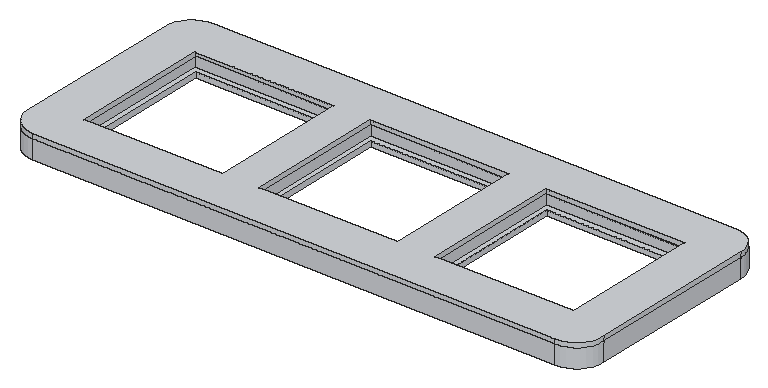
Revit family "Gira_0213421", category Electrical Fixtures, host Face, Revit 2017
Family settings
  Host = Face
  Maintain Annotation Orientation = No
  Round Connector Dimension = Use Diameter
  Part Type = Normal
  Cut with Voids When Loaded = No
  Shared = No
  Room Calculation Point = No
Parameters (values of type "Abdeckrahmen 3f Gira E3 Hellgrau/Anthrazit")
  Werkstoffgüte = "sonstige"
  Werkstoff = "sonstige"
  URL = "http://katalog.gira.de/de_DE/datenblatt.html?artikelnr=0213421"
  Transparent = "No"
  Textfeld/Beschriftungsfläche = "No"
  Schutzart (IP) = "IP20"
  Region = "DE"
  Oberfläche = "sonstige"
  Name = "Abdeckrahmen 3f Gira E3 Hellgrau/Anthrazit"
  Montagerichtung = "horizontal und vertikal"
  Mit Montagerahmen = "No"
  Mit Klappdeckel = "No"
  Manufacturer URL = "https://www.gira.de/"
  Keynote = "E3_Rahmen_3fach"
  HeinzeBIM = "https://bimportal.heinze.de/bim/abdeckrahmen-3f-gira-e3-hellgrau-anthrazit/cc07a97cebb48bfb0f18a7e96422754460c915b1"
  Halogenfrei = "No"
  HAN = "0213421"
  Geeignet für Unterputz-Installation = "Yes"
  Geeignet für Unterflurkanaldose = "No"
  Geeignet für Geräteeinbaukanal = "No"
  Geeignet für Einbauinstallation = "No"
  GTIN = "4010337023852"
  Farbe = "grau"
  Default Elevation = 1219.2 mm
  Data sheet (1) = "https://katalog.gira.de/de_DE/download.html?artikelnr=0213421"
  Category = "Abdeckrahmen"
  Befestigungsart = "Klemmbefestigung"
  Available = "Yes"
  Anzahl der Einheiten vertikal = "3 "
  Anzahl der Einheiten horizontal = "3 "
  Anzahl der Einheiten = "3 "
Reference planes
  plane 1 "Center (Front/Back)": y = 0
  plane 2: z = 0
  plane 3 "Center (Left/Right)": x = 0
Forms (mm)
  Extrusion 1, solid, detail levels fine
    sketch origin (0, 0, 0) x (1, 0, 0) y (0, 1, 0)
      loop
        arc (-106.1, 45.809) -> (-113.884, 42.585) -> (-117.109, 34.8) r 11.009
        line (-117.109, 34.8) -> (-117.109, -34.8)
        arc (-117.109, -34.8) -> (-113.884, -42.585) -> (-106.1, -45.809) r 11.009
        line (-106.1, -45.809) -> (106.1, -45.809)
        arc (106.1, -45.809) -> (113.884, -42.585) -> (117.109, -34.8) r 11.009
        line (117.109, -34.8) -> (117.109, 34.8)
        arc (117.109, 34.8) -> (113.884, 42.585) -> (106.1, 45.809) r 11.009
        line (106.1, 45.809) -> (-106.1, 45.809)
      loop
        line (-43.2, 28.187) -> (-99.456, 28.187) -> (-99.456, -28.187) -> (-43.2, -28.187) -> (-43.2, 28.187)
      loop
        line (-28.3, 28.187) -> (-28.3, -28.187) -> (27.956, -28.187) -> (27.956, 28.187) -> (-28.3, 28.187)
      loop
        line (43.2, 28.187) -> (43.2, -28.187) -> (99.456, -28.187) -> (99.456, 28.187) -> (43.2, 28.187)
    from 7.65 to 9.5
  Extrusion 2, solid, detail levels fine
    sketch origin (-71.5, 0, 0) x (1, 0, 0) y (0, 1, 0)
      loop
        line (26.1, 25.7) -> (-25.7, 25.7) -> (-25.7, -25.7) -> (26.1, -25.7) -> (26.1, 25.7)
      loop
        line (-28.187, -28.156) -> (28.187, -28.156) -> (28.187, 28.156) -> (-28.187, 28.156) -> (-28.187, -28.156)
    from 1.65 to 3.9
  Extrusion 3, solid, detail levels fine
    sketch origin (0, 0, 0) x (1, 0, 0) y (0, 1, 0)
      loop
        arc (-106.1, 45.809) -> (-113.884, 42.585) -> (-117.109, 34.8) r 11.009
        line (-117.109, 34.8) -> (-117.109, -34.8)
        arc (-117.109, -34.8) -> (-113.884, -42.585) -> (-106.1, -45.809) r 11.009
        line (-106.1, -45.809) -> (106.1, -45.809)
        arc (106.1, -45.809) -> (113.884, -42.585) -> (117.109, -34.8) r 11.009
        line (117.109, -34.8) -> (117.109, 34.8)
        arc (117.109, 34.8) -> (113.884, 42.585) -> (106.1, 45.809) r 11.009
        line (106.1, 45.809) -> (-106.1, 45.809)
      loop
        line (-115.143, 34.785) -> (-115.143, -34.785)
        arc (-115.143, -34.785) -> (-112.49, -41.19) -> (-106.084, -43.843) r 9.058
        line (-106.084, -43.843) -> (106.084, -43.843)
        arc (106.084, -43.843) -> (112.49, -41.19) -> (115.143, -34.785) r 9.058
        line (115.143, -34.785) -> (115.143, 34.785)
        arc (115.143, 34.785) -> (112.49, 41.19) -> (106.084, 43.843) r 9.058
        line (106.084, 43.843) -> (-106.084, 43.843)
        arc (-106.084, 43.843) -> (-112.49, 41.19) -> (-115.143, 34.785) r 9.058
    from 0 to 7.65
  Extrusion 4, solid, detail levels fine
    sketch origin (-35.75, 0, 0) x (1, 0, 0) y (0, 1, 0)
      loop
        line (-62.956, -31.075) -> (62.956, -31.075)
        arc (62.956, -31.075) -> (65.599, -29.98) -> (66.694, -27.337) r 3.739
        line (66.694, -27.337) -> (66.694, 27.337)
        arc (66.694, 27.337) -> (65.599, 29.98) -> (62.956, 31.075) r 3.739
        line (62.956, 31.075) -> (-62.956, 31.075)
        arc (-62.956, 31.075) -> (-65.599, 29.98) -> (-66.694, 27.337) r 3.739
        line (-66.694, 27.337) -> (-66.694, -27.337)
        arc (-66.694, -27.337) -> (-65.599, -29.98) -> (-62.956, -31.075) r 3.739
      loop
        line (-65.544, 27.537) -> (-65.544, -27.537)
        arc (-65.544, -27.537) -> (-64.845, -29.226) -> (-63.156, -29.925) r 2.389
        line (-63.156, -29.925) -> (63.156, -29.925)
        arc (63.156, -29.925) -> (64.845, -29.226) -> (65.544, -27.537) r 2.389
        line (65.544, -27.537) -> (65.544, 27.537)
        arc (65.544, 27.537) -> (64.845, 29.226) -> (63.156, 29.925) r 2.389
        line (63.156, 29.925) -> (-63.156, 29.925)
        arc (-63.156, 29.925) -> (-64.845, 29.226) -> (-65.544, 27.537) r 2.389
    from 1.65 to 7.65
  Extrusion 5, solid, detail levels fine
    sketch origin (0, 0, 0) x (1, 0, 0) y (0, 1, 0)
      loop
        line (-103.367, -39.8) -> (103.368, -39.8)
        arc (103.368, -39.8) -> (108.982, -36.708) -> (111.215, -30.7) r 9.2
        line (111.215, -30.7) -> (111.215, 30.7)
        arc (111.215, 30.7) -> (108.52, 37.205) -> (102.015, 39.9) r 9.2
        line (102.015, 39.9) -> (-102.014, 39.9)
        arc (-102.014, 39.9) -> (-108.52, 37.205) -> (-111.214, 30.7) r 9.2
        line (-111.214, 30.7) -> (-111.214, -30.7)
        arc (-111.214, -30.7) -> (-108.982, -36.708) -> (-103.367, -39.8) r 9.2
      loop
        line (-102.014, -31.7) -> (102.015, -31.7)
        arc (102.015, -31.7) -> (102.722, -31.407) -> (103.015, -30.7) r 1
        line (103.015, -30.7) -> (103.015, 30.7)
        arc (103.015, 30.7) -> (102.722, 31.407) -> (102.015, 31.7) r 1
        line (102.015, 31.7) -> (-102.014, 31.7)
        arc (-102.014, 31.7) -> (-102.721, 31.407) -> (-103.014, 30.7) r 1
        line (-103.014, 30.7) -> (-103.014, -30.7)
        arc (-103.014, -30.7) -> (-102.721, -31.407) -> (-102.014, -31.7) r 1
    from 1.65 to 3.9
  Extrusion 6, solid, detail levels fine
    sketch origin (-71.5, 0, 0) x (1, 0, 0) y (0, 1, 0)
      loop
        line (-28.187, 28.156) -> (-28.187, -28.156) -> (28.187, -28.156) -> (28.187, 28.156) -> (-28.187, 28.156)
      loop
        line (-29.925, 29.925) -> (-29.925, -29.925) -> (29.925, -29.925) -> (29.925, 29.925) -> (-29.925, 29.925)
    from 1.65 to 7.65
  Extrusion 7, solid, detail levels coarse+medium
    sketch origin (0, 0, 0) x (1, 0, 0) y (0, 1, 0)
      loop
        line (-117.109, 45.809) -> (-117.109, -45.809) -> (117.109, -45.809) -> (117.109, 45.809) -> (-117.109, 45.809)
    from 0 to 9.5
  Extrusion 8, solid, detail levels fine
    sketch origin (0, 0, 0) x (-1, 0, 0) y (0, -1, 0)
      loop
        line (25.9, -25.7) -> (25.9, 25.7) -> (-25.9, 25.7) -> (-25.9, -25.7) -> (25.9, -25.7)
      loop
        line (-28.187, 28.156) -> (-28.187, -28.156) -> (28.187, -28.156) -> (28.187, 28.156) -> (-28.187, 28.156)
    from 1.65 to 3.9
  Extrusion 9, solid, detail levels fine
    sketch origin (0, 0, 0) x (-1, 0, 0) y (0, -1, 0)
      loop
        line (-28.187, -28.156) -> (28.187, -28.156) -> (28.187, 28.156) -> (-28.187, 28.156) -> (-28.187, -28.156)
      loop
        line (-29.925, -29.925) -> (29.925, -29.925) -> (29.925, 29.925) -> (-29.925, 29.925) -> (-29.925, -29.925)
    from 1.65 to 7.65
  Extrusion 10, solid, detail levels fine
    sketch origin (71.5, 0, 0) x (-1, 0, 0) y (0, -1, 0)
      loop
        line (26.1, -25.7) -> (26.1, 25.7) -> (-25.7, 25.7) -> (-25.7, -25.7) -> (26.1, -25.7)
      loop
        line (-28.187, 28.156) -> (-28.187, -28.156) -> (28.187, -28.156) -> (28.187, 28.156) -> (-28.187, 28.156)
    from 1.65 to 3.9
  Extrusion 11, solid, detail levels fine
    sketch origin (71.5, 0, 0) x (-1, 0, 0) y (0, -1, 0)
      loop
        line (-28.187, -28.156) -> (28.187, -28.156) -> (28.187, 28.156) -> (-28.187, 28.156) -> (-28.187, -28.156)
      loop
        line (-29.925, -29.925) -> (29.925, -29.925) -> (29.925, 29.925) -> (-29.925, 29.925) -> (-29.925, -29.925)
    from 1.65 to 7.65
Dimensions and locks
  aligned and locked: plane 2 to host face
  aligned and locked: level to host face
